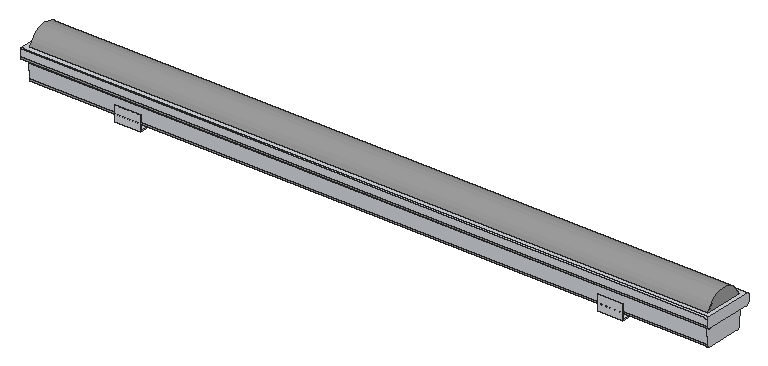
Revit family "0010221", category Lighting Fixtures, host Face, Revit 2018 (continued)
Types (60, lengths in mm): name | Weight | Wattage | TypeName | built-in parameter 1150134 | Photometric Web File | PowerFactor | PowerConsumption | NominalLength | Name | ModelReference | ModelNumber | Model | LuminousEfficacy | built-in parameter 1150105 | Lumens | LampNominalLuminous | LampMacAdamStep | LampColourTemperature | LENGHT_SYL | LENGHT_CHAMFER_SYL | LENGHT-_SYL | LENGHT-_CHAMFER_SYL | L0650_SYL | L1500_SYL | L1200_SYL | built-in parameter 1150107 | built-in parameter 1150106 | built-in parameter 1150104 | DocumentationLiterature | Description | BRACKET_WIDTH_SYL | BRACKET_DIST_SYL | Apparent Load
  0010215 RESISTO 1200 IP66 4800LM 840 QC | "1.61 kg" | 35 W | "Resisto  1200 IP66 4800lm 840 QC" | 12 | "0010215.ies" | 0.95 | "35 W" | 1212 | "Resisto  1200 IP66 4800lm 840 QC" | "Resisto  1200 IP66 4800lm 840 QC" | "0010215" | "Resisto  1200 IP66 4800lm 840 QC" | "137 lm/W" | 1583.6 (stored number, unit not read) | 4795 lm | "4800 lm" | "5" | "4000 K" | 592 | 600 | -592 | -600 | no | no | yes | 4000 (stored number, unit not read) | 15.836 (stored number, unit not read) | 12.728 (stored number, unit not read) | "http://www.sylvania-lighting.com/product/en-int/products/0010215" | "Resisto, integrated LED weatherproof luminaire, with UV stabilized flat diffuser designed to achieve uniform lit appearance, optimise light output and to reduce glare. 301 stainless steel diffuser clips and fixing brackets for surface mounting. Polycarbonate housing and diffuser - no yellow discolouration over time. 4800lm; 35W; 137lm/W; 4000K; SDCM<5; non dimmable; CRI80; IP66; IK08; Class I; 69,000hrs (L80B20) lifespan; 1200mm x 89mm x 88mm; D-mark; assembled with quick connector." | 400 | 444 | 35 VA
  0010214 RESISTO 1200 IP66 2800LM 840 QC | "1.57 kg" | 21 W | "Resisto  1200 IP66 2800lm 840 QC" | 12 | "0010214.ies" | 0.95 | "21 W" | 1212 | "Resisto  1200 IP66 2800lm 840 QC" | "Resisto  1200 IP66 2800lm 840 QC" | "0010214" | "Resisto  1200 IP66 2800lm 840 QC" | "133 lm/W" | 917.95 (stored number, unit not read) | 2793 lm | "2800 lm" | "5" | "4000 K" | 592 | 600 | -592 | -600 | no | no | yes | 4000 (stored number, unit not read) | 9.1795 (stored number, unit not read) | 12.356 (stored number, unit not read) | "http://www.sylvania-lighting.com/product/en-int/products/0010214" | "Resisto, integrated LED weatherproof luminaire, with UV stabilized flat diffuser designed to achieve uniform lit appearance, optimise light output and to reduce glare. 301 stainless steel diffuser clips and fixing brackets for surface mounting. Polycarbonate housing and diffuser - no yellow discolouration over time. 2800lm; 21W; 133lm/W; 4000K; SDCM<5; non dimmable; CRI80; IP66; IK08; Class I; 69,000hrs (L80B20) lifespan; 1200mm x 89mm x 88mm; D-mark; assembled with quick connector." | 400 | 444 | 21 VA
  0010213 RESISTO 1200 IP66 4800LM 865 | "1.54 kg" | 35 W | "Resisto  1200 IP66 4800lm 865" | 1 | "0010213.ies" | 0.95 | "35 W" | 1200 | "Resisto  1200 IP66 4800lm 865" | "Resisto  1200 IP66 4800lm 865" | "0010213" | "Resisto  1200 IP66 4800lm 865" | "137 lm/W" | 1583.6 (stored number, unit not read) | 4795 lm | "4800 lm" | "5" | "6500 K" | 592 | 600 | -592 | -600 | no | no | yes | 6500 (stored number, unit not read) | 15.836 (stored number, unit not read) | 12.728 (stored number, unit not read) | "http://www.sylvania-lighting.com/product/en-int/products/0010213" | "Resisto, integrated LED weatherproof luminaire, with UV stabilized flat diffuser designed to achieve uniform lit appearance, optimise light output and to reduce glare. 301 stainless steel diffuser clips and fixing brackets for surface mounting. Polycarbonate housing and diffuser - no yellow discolouration over time. 4800lm; 35W; 137lm/W; 6500K; SDCM<5; non dimmable; CRI80; IP66; IK08; Class I; 69,000hrs (L80B20) lifespan; 1200mm x 89mm x 88mm; D-mark." | 400 | 444 | 35 VA
  0010212 RESISTO 1200 IP66 2800LM 865 | "1.5 kg" | 21 W | "Resisto  1200 IP66 2800lm 865" | 1 | "0010212.ies" | 0.95 | "21 W" | 1200 | "Resisto  1200 IP66 2800lm 865" | "Resisto  1200 IP66 2800lm 865" | "0010212" | "Resisto  1200 IP66 2800lm 865" | "133 lm/W" | 917.95 (stored number, unit not read) | 2793 lm | "2800 lm" | "5" | "6500 K" | 592 | 600 | -592 | -600 | no | no | yes | 6500 (stored number, unit not read) | 9.1795 (stored number, unit not read) | 12.356 (stored number, unit not read) | "http://www.sylvania-lighting.com/product/en-int/products/0010212" | "Resisto, integrated LED weatherproof luminaire, with UV stabilized flat diffuser designed to achieve uniform lit appearance, optimise light output and to reduce glare. 301 stainless steel diffuser clips and fixing brackets for surface mounting. Polycarbonate housing and diffuser - no yellow discolouration over time. 2800lm; 21W; 133lm/W; 6500K; SDCM<5; non dimmable; CRI80; IP66; IK08; Class I; 69,000hrs (L80B20) lifespan; 1200mm x 89mm x 88mm; D-mark." | 400 | 444 | 21 VA
  0010211 RESISTO 1200 IP66 4800LM 840 | "11.88 kg" | 35 W | "Resisto  1200 IP66 4800lm 840" | 12 | "0010211.ies" | 0.95 | "35.0 W" | 1200 | "Resisto  1200 IP66 4800lm 840" | "Resisto  1200 IP66 4800lm 840" | "0010211" | "Resisto  1200 IP66 4800lm 840" | "137 lm/W" | -7601417.6 (stored number, unit not read) | 4795 lm | "4800 lm" | "5" | "4000 K" | 592 | 600 | -592 | -600 | no | no | yes | 4000 (stored number, unit not read) | -76014.2 (stored number, unit not read) | 12.728 (stored number, unit not read) | "http://www.sylvania-lighting.com/product/en-int/products/0010211" | "Resisto, integrated LED weatherproof luminaire, with UV stabilized flat diffuser designed to achieve uniform lit appearance, optimise light output and to reduce glare. 301 stainless steel diffuser clips and fixing brackets for surface mounting. Polycarbonate housing and diffuser - no yellow discolouration over time. 4800lm; 35W; 137lm/W; 4000K; SDCM<5; non dimmable; CRI80; IP66; IK08; Class I; 69,000hrs (L80B20) lifespan; 1200mm x 89mm x 88mm; D-mark." | 400 | 444 | 35 VA
  0010210 RESISTO 1200 IP66 2800LM 840 | "11.88 kg" | 21 W | "Resisto  1200 IP66 2800lm 840" | 12 | "0010210.ies" | 0.95 | "21.0 W" | 1200 | "Resisto  1200 IP66 2800lm 840" | "Resisto  1200 IP66 2800lm 840" | "0010210" | "Resisto  1200 IP66 2800lm 840" | "133 lm/W" | -2570258.2 (stored number, unit not read) | 2793 lm | "2800 lm" | "5" | "4000 K" | 592 | 600 | -592 | -600 | no | no | yes | 4000 (stored number, unit not read) | -25702.6 (stored number, unit not read) | 12.356 (stored number, unit not read) | "http://www.sylvania-lighting.com/product/en-int/products/0010210" | "Resisto, integrated LED weatherproof luminaire, with UV stabilized flat diffuser designed to achieve uniform lit appearance, optimise light output and to reduce glare. 301 stainless steel diffuser clips and fixing brackets for surface mounting. Polycarbonate housing and diffuser - no yellow discolouration over time. 2800lm; 21W; 133lm/W; 4000K; SDCM<5; non dimmable; CRI80; IP66; IK08; Class I; 69,000hrs (L80B20) lifespan; 1200mm x 89mm x 88mm; D-mark." | 400 | 444 | 21 VA
  0010209 RESISTO 1200 IP66 4800LM 830 | "1.54 kg" | 35 W | "Resisto  1200 IP66 4800lm 830" | (empty or 0) | "0010209.ies" | 0.95 | "35 W" | 1200 | "Resisto  1200 IP66 4800lm 830" | "Resisto  1200 IP66 4800lm 830" | "0010209" | "Resisto  1200 IP66 4800lm 830" | "137 lm/W" | 1583.6 (stored number, unit not read) | 4795 lm | "4800 lm" | "5" | "3000 K" | 592 | 600 | -592 | -600 | no | no | yes | 3000 (stored number, unit not read) | 15.836 (stored number, unit not read) | 12.728 (stored number, unit not read) | "http://www.sylvania-lighting.com/product/en-int/products/0010209" | "Resisto, integrated LED weatherproof luminaire, with UV stabilized flat diffuser designed to achieve uniform lit appearance, optimise light output and to reduce glare. 301 stainless steel diffuser clips and fixing brackets for surface mounting. Polycarbonate housing and diffuser - no yellow discolouration over time. 4800lm; 35W; 137lm/W; 3000K; SDCM<5; non dimmable; CRI80; IP66; IK08; Class I; 69,000hrs (L80B20) lifespan; 1200mm x 89mm x 88mm; D-mark." | 400 | 444 | 35 VA
  0010208 RESISTO 1200 IP66 2800LM 830 | "1.5 kg" | 21 W | "Resisto  1200 IP66 2800lm 830" | (empty or 0) | "0010208.ies" | 0.95 | "21 W" | 1200 | "Resisto  1200 IP66 2800lm 830" | "Resisto  1200 IP66 2800lm 830" | "0010208" | "Resisto  1200 IP66 2800lm 830" | "133 lm/W" | 917.95 (stored number, unit not read) | 2793 lm | "2800 lm" | "5" | "3000 K" | 592 | 600 | -592 | -600 | no | no | yes | 3000 (stored number, unit not read) | 9.1795 (stored number, unit not read) | 12.356 (stored number, unit not read) | "http://www.sylvania-lighting.com/product/en-int/products/0010208" | "Resisto, integrated LED weatherproof luminaire, with UV stabilized flat diffuser designed to achieve uniform lit appearance, optimise light output and to reduce glare. 301 stainless steel diffuser clips and fixing brackets for surface mounting. Polycarbonate housing and diffuser - no yellow discolouration over time. 2800lm; 21W; 133lm/W; 3000K; SDCM<5; non dimmable; CRI80; IP66; IK08; Class I; 69,000hrs (L80B20) lifespan; 1200mm x 89mm x 88mm; D-mark." | 400 | 444 | 21 VA
  0010207 RESISTO 600 HE IP66 2500LM 840 | "0.96 kg" | 16 W | "Resisto  600 HE IP66 2500lm 840" | 12 | "0010207.ies" | 0.95 | "16 W" | 650 | "Resisto  600 HE IP66 2500lm 840" | "Resisto  600 HE IP66 2500lm 840" | "0010207" | "Resisto  600 HE IP66 2500lm 840" | "156 lm/W" | 829.02 (stored number, unit not read) | 2496 lm | "2500 lm" | "3" | "4000 K" | 317 | 325 | -317 | -325 | yes | no | no | 4000 (stored number, unit not read) | 8.2902 (stored number, unit not read) | 14.493 (stored number, unit not read) | "http://www.sylvania-lighting.com/product/en-int/products/0010207" | "Resisto, integrated LED weatherproof luminaire, with UV stabilized flat diffuser designed to achieve uniform lit appearance, optimise light output and to reduce glare. 301 stainless steel diffuser clips and fixing brackets for surface mounting. Polycarbonate housing and diffuser - no yellow discolouration over time. 2500lm; 16W; 156lm/W; 4000K; SDCM<3; non dimmable; CRI80; IP66; IK08; Class I; 69,000hrs (L80B20) lifespan; 650mm x 89mm x 88mm; D-mark." | 125 | 169 | 16 VA
  0010206 RESISTO 600 HE IP66 1400LM 840 | "0.88 kg" | 10 W | "Resisto  600 HE IP66 1400lm 840" | 12 | "0010206.ies" | 0.9 | "10 W" | 650 | "Resisto  600 HE IP66 1400lm 840" | "Resisto  600 HE IP66 1400lm 840" | "0010206" | "Resisto  600 HE IP66 1400lm 840" | "140 lm/W" | 479.25 (stored number, unit not read) | 1400 lm | "1400 lm" | "3" | "4000 K" | 317 | 325 | -317 | -325 | yes | no | no | 4000 (stored number, unit not read) | 4.7925 (stored number, unit not read) | 13.006 (stored number, unit not read) | "http://www.sylvania-lighting.com/product/en-int/products/0010206" | "Resisto, integrated LED weatherproof luminaire, with UV stabilized flat diffuser designed to achieve uniform lit appearance, optimise light output and to reduce glare. 301 stainless steel diffuser clips and fixing brackets for surface mounting. Polycarbonate housing and diffuser - no yellow discolouration over time. 1400lm; 10W; 140lm/W; 4000K; SDCM<3; non dimmable; CRI80; IP66; IK08; Class I; 69,000hrs (L80B20) lifespan; 650mm x 89mm x 88mm; D-mark." | 125 | 169 | 10 VA
  0010205 RESISTO 600 IP66 2500LM 865 | "0.88 kg" | 19 W | "Resisto  600 IP66 2500lm 865" | 1 | "0010205.ies" | 1 | "19 W" | 650 | "Resisto  600 IP66 2500lm 865" | "Resisto  600 IP66 2500lm 865" | "0010205" | "Resisto  600 IP66 2500lm 865" | "132 lm/W" | 833.01 (stored number, unit not read) | 2508 lm | "2500 lm" | "5" | "6500 K" | 317 | 325 | -317 | -325 | yes | no | no | 6500 (stored number, unit not read) | 8.3301 (stored number, unit not read) | 12.263 (stored number, unit not read) | "http://www.sylvania-lighting.com/product/en-int/products/0010205" | "Resisto, integrated LED weatherproof luminaire, with UV stabilized flat diffuser designed to achieve uniform lit appearance, optimise light output and to reduce glare. 301 stainless steel diffuser clips and fixing brackets for surface mounting. Polycarbonate housing and diffuser - no yellow discolouration over time. 2500lm; 19W; 132lm/W; 6500K; SDCM<5; non dimmable; CRI80; IP66; IK08; Class I; 69,000hrs (L80B20) lifespan; 650mm x 89mm x 88mm; D-mark." | 125 | 169 | 19 VA
  0010204 RESISTO 600 IP66 1600LM 865 | "0.88 kg" | 12 W | "Resisto  600 IP66 1600lm 865" | 1 | "0010204.ies" | 0.9 | "12 W" | 650 | "Resisto  600 IP66 1600lm 865" | "Resisto  600 IP66 1600lm 865" | "0010204" | "Resisto  600 IP66 1600lm 865" | "133 lm/W" | 546.34 (stored number, unit not read) | 1596 lm | "1600 lm" | "5" | "6500 K" | 317 | 325 | -317 | -325 | yes | no | no | 6500 (stored number, unit not read) | 5.4634 (stored number, unit not read) | 12.356 (stored number, unit not read) | "http://www.sylvania-lighting.com/product/en-int/products/0010204" | "Resisto, integrated LED weatherproof luminaire, with UV stabilized flat diffuser designed to achieve uniform lit appearance, optimise light output and to reduce glare. 301 stainless steel diffuser clips and fixing brackets for surface mounting. Polycarbonate housing and diffuser - no yellow discolouration over time. 1600lm; 12W; 133lm/W; 6500K; SDCM<5; non dimmable; CRI80; IP66; IK08; Class I; 69,000hrs (L80B20) lifespan; 650mm x 89mm x 88mm; D-mark." | 125 | 169 | 12 VA
  0010203 RESISTO 600 IP66 2500LM 840 | "10.2 kg" | 19 W | "Resisto  600 IP66 2500lm 840" | 12 | "0010203.ies" | 0.95 | "19.0 W" | 650 | "Resisto  600 IP66 2500lm 840" | "Resisto  600 IP66 2500lm 840" | "0010203" | "Resisto  600 IP66 2500lm 840" | "132 lm/W" | -2082492.7 (stored number, unit not read) | 2508 lm | "2500 lm" | "5" | "4000 K" | 317 | 325 | -317 | -325 | yes | no | no | 4000 (stored number, unit not read) | -20824.9 (stored number, unit not read) | 12.263 (stored number, unit not read) | "http://www.sylvania-lighting.com/product/en-int/products/0010203" | "Resisto, integrated LED weatherproof luminaire, with UV stabilized flat diffuser designed to achieve uniform lit appearance, optimise light output and to reduce glare. 301 stainless steel diffuser clips and fixing brackets for surface mounting. Polycarbonate housing and diffuser - no yellow discolouration over time. 2500lm; 19W; 132lm/W; 4000K; SDCM<5; non dimmable; CRI80; IP66; IK08; Class I; 69,000hrs (L80B20) lifespan; 650mm x 89mm x 88mm; D-mark." | 125 | 169 | 19 VA
  0010202 RESISTO 600 IP66 1600LM 840 | "10.2 kg" | 12 W | "Resisto  600 IP66 1600lm 840" | 12 | "0010202.ies" | 0.9 | "12.0 W" | 650 | "Resisto  600 IP66 1600lm 840" | "Resisto  600 IP66 1600lm 840" | "0010202" | "Resisto  600 IP66 1600lm 840" | "133 lm/W" | -874129.2 (stored number, unit not read) | 1596 lm | "1600 lm" | "5" | "4000 K" | 317 | 325 | -317 | -325 | yes | no | no | 4000 (stored number, unit not read) | -8741.3 (stored number, unit not read) | 12.356 (stored number, unit not read) | "http://www.sylvania-lighting.com/product/en-int/products/0010202" | "Resisto, integrated LED weatherproof luminaire, with UV stabilized flat diffuser designed to achieve uniform lit appearance, optimise light output and to reduce glare. 301 stainless steel diffuser clips and fixing brackets for surface mounting. Polycarbonate housing and diffuser - no yellow discolouration over time. 1600lm; 12W; 133lm/W; 4000K; SDCM<5; non dimmable; CRI80; IP66; IK08; Class I; 69,000hrs (L80B20) lifespan; 650mm x 89mm x 88mm; D-mark." | 125 | 169 | 12 VA
  0010279 RESISTO 1500 HE IP66 DALI 8300LM 840 | "2.01 kg" | 54 W | "Resisto 1500 HE IP66 DALI 8300lm 840" | 12 | "0010279.ies" | 0.99 | "54 W" | 1500 | "Resisto 1500 HE IP66 DALI 8300lm 840" | "Resisto 1500 HE IP66 DALI 8300lm 840" | "0010279" | "Resisto 1500 HE IP66 DALI 8300lm 840" | "154 lm/W" | 2773 (stored number, unit not read) | 8316 lm | "8300 lm" | "3" | "4000 K" | 742 | 750 | -742 | -750 | no | yes | no | 4000 (stored number, unit not read) | 27.73 (stored number, unit not read) | 14.307 (stored number, unit not read) | "http://www.sylvania-lighting.com/product/en-int/products/0010279" | "Resisto, integrated LED weatherproof luminaire, with UV stabilized flat diffuser designed to achieve uniform lit appearance, optimise light output and to reduce glare. 301 stainless steel diffuser clips and fixing brackets for surface mounting. Polycarbonate housing and diffuser - no yellow discolouration over time. 8300lm; 54W; 154lm/W; 4000K; SDCM<3; DALI dimmable; CRI80; IP66; IK08; Class I; 69,000hrs (L80B20) lifespan; 1500mm x 89mm x 88mm; D-mark." | 550 | 594 | 54 VA
